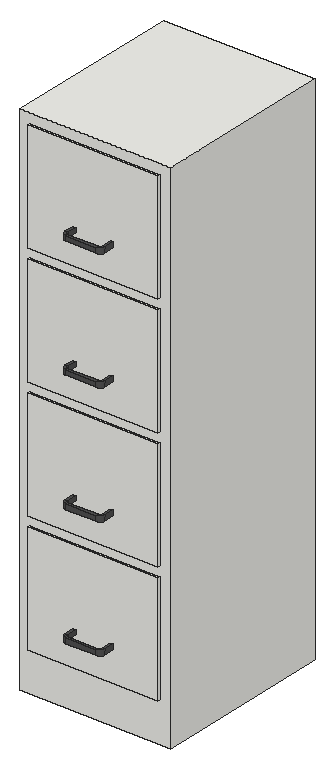
Revit family
Parameters (values of type "15" x 18"")
  Assembly Code = "E2020200"
  Cabinet Material = Metal - Paint Finish - Ivory, Glossy
  Depth = 1' - 6"
  Handle Material = Metal - Chrome
  Height = 4' - 4"
  Width = 1' - 3"
Types (7): name | Depth | Height | Width
  (no name) | 1' - 6" | 4' - 4" | 1' - 3"
  15" x 18" | 1' - 6" | 4' - 4" | 1' - 3"
  15" x 25" | 2' - 1" | 4' - 4" | 1' - 3"
  15" x 29" | 2' - 5" | 4' - 4" | 1' - 3"
  18" x 29" | 2' - 5" | 4' - 4" | 1' - 6"
  36" x 15" Lat. | 1' - 3" | 4' - 5" | 3' - 0"
  36" x 18" Lat. | 1' - 6" | 4' - 5" | 3' - 0"
Reference planes (in)
  plane 1 "Center (Front/Back)": y = -5.59584
  plane 2: z = 0
  plane 3 "Center (Left/Right)": x = -5.03529
  plane 4: x = 2.46471
  plane 5: x = -12.53529
  plane 6: y = 3.40416
  plane 7: y = -14.59584
  plane 8: z = 52
  plane 9: y = -14.84584
Forms (in)
  Extrusion 1, solid, material "Metal - Paint Finish - Ivory, Glossy" <- "Cabinet Material"
    sketch origin (0, 3.40416, 0) x (1, 0, 0) y (0, 0, 1)
      loop
        line (-11.53529, 51) -> (-11.53529, 40) -> (1.46471, 40) -> (1.46471, 51) -> (-11.53529, 51)
      loop
        line (-11.53529, 28) -> (1.46471, 28) -> (1.46471, 39) -> (-11.53529, 39) -> (-11.53529, 28)
      loop
        line (-11.53529, 27) -> (-11.53529, 16) -> (1.46471, 16) -> (1.46471, 27) -> (-11.53529, 27)
      loop
        line (-11.53529, 15) -> (-11.53529, 4) -> (1.46471, 4) -> (1.46471, 15) -> (-11.53529, 15)
    from 18 to 18.25
  Extrusion 2, solid, material "Metal - Paint Finish - Ivory, Glossy" <- "Cabinet Material"
    sketch origin (0, 0, 0) x (1, 0, 0) y (0, 1, 0)
      loop
        line (-12.53529, 3.40416) -> (-12.53529, -14.59584) -> (2.46471, -14.59584) -> (2.46471, 3.40416) -> (-12.53529, 3.40416)
    from 0 to 52
  Sweep 3, solid, material "Metal - Chrome" <- "Handle Material"
    path origin (0, 0, 0) x (1, 0, 0) y (0, 1, 0)
      loop
        line (-7.03529, -14.84584) -> (-7.03529, -15.84584)
        arc (-7.03529, -15.84584) -> (-6.88885, -16.19939) -> (-6.53529, -16.34584) r 0.5
        line (-6.53529, -16.34584) -> (-3.53529, -16.34584)
        arc (-3.53529, -16.34584) -> (-3.18174, -16.19939) -> (-3.03529, -15.84584) r 0.5
        line (-3.03529, -15.84584) -> (-3.03529, -14.84584)
    profile origin (0, -15.34584, 0) x (1, 0, 0) y (0, 0, 1)
      loop
        line (-7.03529, 7) -> (-6.78529, 7) -> (-6.78529, 7.5) -> (-7.03529, 7.5) -> (-7.03529, 7)
      loop
        line (-7.03529, 19) -> (-6.78529, 19) -> (-6.78529, 19.5) -> (-7.03529, 19.5) -> (-7.03529, 19)
      loop
        line (-7.03529, 31) -> (-6.78529, 31) -> (-6.78529, 31.5) -> (-7.03529, 31.5) -> (-7.03529, 31)
      loop
        line (-7.03529, 43) -> (-6.78529, 43) -> (-6.78529, 43.5) -> (-7.03529, 43.5) -> (-7.03529, 43)
Lines and regions (in)
  Masking region 1
    outline origin (0, 0, 0) x (1, 0, 0) y (0, 1, 0)
      loop
        line (-12.53529, 3.40416) -> (-12.53529, -14.59584) -> (2.46471, -14.59584) -> (2.46471, 3.40416) -> (-12.53529, 3.40416)
  Masking region 2
    outline origin (0, 0, 0) x (1, 0, 0) y (0, 1, 0)
      loop
        line (-11.53529, -14.59584) -> (-11.53529, -14.84584) -> (1.46471, -14.84584) -> (1.46471, -14.59584) -> (-11.53529, -14.59584)
  symbolic lines
    curve 1: line (-6.78529, -15.84584, 0) -> (-6.78529, -14.84584, 0)
    curve 2: line (-3.53529, -16.09584, 0) -> (-6.53529, -16.09584, 0)
    curve 3: line (-3.28529, -14.84584, 0) -> (-3.28529, -15.84584, 0)
    curve 4: arc (-3.53529, -16.09584, 0) -> (-3.35852, -16.02262, 0) -> (-3.28529, -15.84584, 0) r 0.25
    curve 5: arc (-6.78529, -15.84584, 0) -> (-6.71207, -16.02262, 0) -> (-6.53529, -16.09584, 0) r 0.25
Dimensions and locks (in)
  equal spacing: plane 5, plane 3 "Center (Left/Right)", plane 4
  equal spacing: plane 7, plane 1 "Center (Front/Back)", plane 6
  "Width": plane 5 to plane 4
  "Depth": plane 7 to plane 6
  "Height": plane 8 to plane 2
  plane 7 to plane 9 = 0' - 0 1/4"
  aligned and locked: plane 7 to Extrusion 1
  aligned and locked: Extrusion 1 to plane 9
  aligned and locked: Extrusion 2 to plane 8
  aligned and locked: Extrusion 2 to level
  aligned and locked: plane 4 to Masking region 1 sketch curve
  aligned and locked: plane 6 to Masking region 1 sketch curve
  aligned and locked: Masking region 1 sketch curve to plane 5
  aligned and locked: plane 7 to Masking region 1 sketch curve
  aligned and locked: plane 9 to Masking region 2 sketch curve
  aligned and locked: Masking region 2 sketch curve to plane 7
  aligned and locked: Masking region 2 sketch curve to Extrusion 1  (x2)
  aligned and locked: curve 1 to Sweep 3
  aligned and locked: curve 2 to Sweep 3
  aligned and locked: curve 3 to Sweep 3
  aligned: curve 5 to Sweep 3
Automatic sketch dimensions
  Extrusion 1 sketch curve to plane 5 = 0' - 1"  (x3)
  Extrusion 1 sketch curve to Extrusion 1 sketch curve = 0' - 0"  (x2)
  plane 4 to Extrusion 1 sketch curve = 0' - 1"  (x3)
  level to Extrusion 1 sketch curve = 0' - 4"
  plane 8 to Extrusion 1 sketch curve = 0' - 1"
  Extrusion 1 sketch curve to Extrusion 1 sketch curve = 0' - 11"  (x3)
  Extrusion 1 sketch curve to Extrusion 1 sketch curve = 0' - 1"  (x3)
  Sweep 3 sketch curve to plane 9 = 0' - 0"  (x2)
  plane 9 to Sweep 3 sketch curve = 0' - 1"
  Sweep 3 sketch curve to plane 3 "Center (Left/Right)" = 0' - 2"
  Sweep 3 sketch curve to plane 3 "Center (Left/Right)" = 0' - 1 1/2"
  plane 3 "Center (Left/Right)" to Sweep 3 sketch curve = 0' - 1 1/2"
  Sweep 3 sketch curve to Sweep 3 sketch curve = 0' - 0 1/2"  (x5)
  Sweep 3 sketch curve to profile plane = 0' - 0"  (x4)
  Sweep 3 sketch curve to Sweep 3 sketch curve = 0' - 0 1/4"  (x4)
  level to Sweep 3 sketch curve = 0' - 7"
  Sweep 3 sketch curve to Sweep 3 sketch curve = 0' - 11 1/2"  (x3)
  Extrusion 2 sketch curve to plane 6 = 0' - 0"
  Extrusion 2 sketch curve to plane 4 = 0' - 0"
  Extrusion 2 sketch curve to plane 5 = 0' - 0"
  Extrusion 2 sketch curve to plane 7 = 0' - 0"
  curve 1 to plane 9 = 0' - 0"
  curve 3 to plane 9 = 0' - 0"
  curve 2 to curve 3 = 0' - 0 1/4"
  curve 1 to curve 5 = 0' - 0 1/4"
